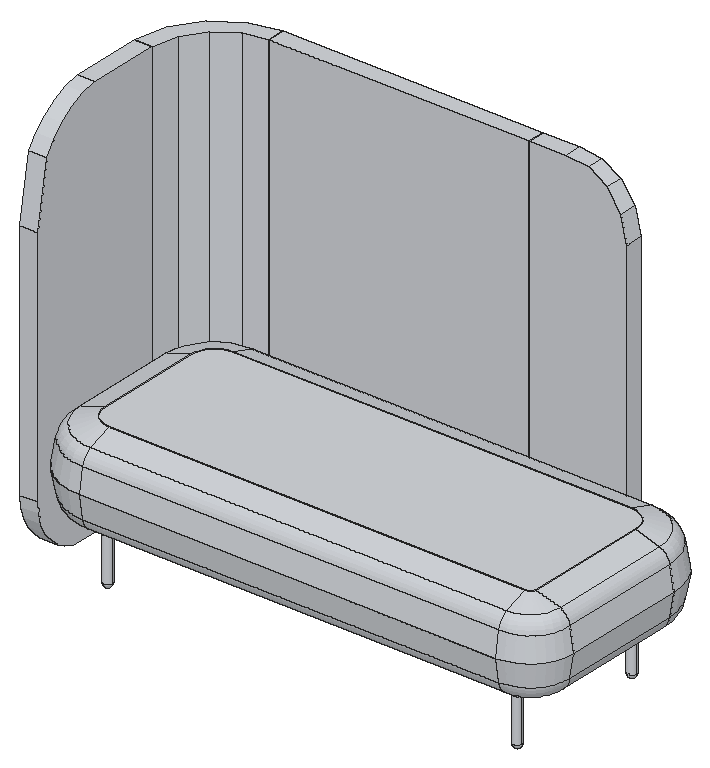
Revit family "Bernhardt-Design_Seating_ChapelleL_2-Seat_Left-Facing_Half-Wall", category Furniture, Revit 2013
Parameters (values of type "2 Seat Left Facing Half Wall")
  Model = "Chapelle"
  Mid Wall = 2' - 6"
  Length = 5' - 5 3/4"
  Description = "Seating"
  Width = 2' - 4 1/4"
  URL = "http://bernhardtdesign.com/"
  Product Page URL = "http://www.bernhardtdesign.com/products/chapelle/index.html"
  Product Name = "Chapelle"
  Product Documentation Link = "http://www.bernhardtdesign.com/pdf/pricelists/sofas/Chapelle_PL.pdf"
  Manufacturer = "Bernhardt "  # constant formula
  Level Certification = ""
  Height = 3' - 11 3/8"
  GreenGuard Certification = ""
  Bernhardt Wood = none
Reference planes (in)
  plane 1 "Center (Front/Back)": y = 0
  plane 2 "Bottom": z = 0
  plane 3 "Center (Left/Right)": x = 0
  plane 4: x = -24
  plane 5: x = 6
  plane 6 "Total Height": z = 47.375
  plane 7 "Seat Height": z = 16.87819
  plane 8 "Base": z = 0.76323
  plane 9: y = -1.50846
  plane 10: y = -18.00846
  plane 11 "seat front edge": y = -20.50934
Forms (in)
  Extrusion 1, solid
    sketch origin (0, 0, 0) x (1, 0, 0) y (0, 1, 0)
      loop
        line (-24, 8.08149) -> (-24, 6.08149) -> (6, 6.08149) -> (6, 8.08149) -> (-24, 8.08149)
    from 0.76323 to 47.375
  Extrusion 2, void
    sketch origin (0, 0, 0) x (0, 1, 0) y (0, 0, 1)
      loop
        line (-9.75846, 47.375) -> (-9.75846, 53.875) -> (-24.50846, 53.875) -> (-18.00846, 29.97832)
        arc (-18.00846, 29.97832) -> (-17.92454, 36.30552) -> (-16.7009, 42.51385) r 34.94218
        arc (-16.7009, 42.51385) -> (-13.79438, 45.75091) -> (-9.75846, 47.375) r 9.61187
      loop
        line (-18.00846, 7.50157) -> (-23.08796, -4.465) -> (-12.78184, 0.76323)
        arc (-12.78184, 0.76323) -> (-16.52625, 3.25506) -> (-18.00846, 7.50157) r 7.06609
    from -76.66408 to 0
  Extrusion 3, solid
    sketch origin (0, 0, 0) x (-1, 0, 0) y (0, -1, 0)
      loop
        line (24, -8.08149) -> (27.42352, -7.3538) -> (30.579, -5.30461) -> (32.62139, -2.15959) -> (33.40106, 1.50846) -> (31.35638, 1.50846) -> (30.74217, -1.38119) -> (29.13319, -3.8588) -> (26.64512, -5.47458) -> (24, -6.03681) -> (24, -8.08149)
    from 0.76323 to 47.375
  Extrusion 4, solid
    sketch origin (0, 0, 0) x (-1, 0, 0) y (0, -1, 0)
      loop
        line (33.40106, 1.50846) -> (33.40106, 18.00846) -> (31.40106, 18.00846) -> (31.40106, 1.50846) -> (33.40106, 1.50846)
    from 0.76323 to 47.375
  Extrusion 5, solid
    sketch origin (0, 0, 0) x (-1, 0, 0) y (0, 0, -1)
      loop
        line (-6, -47.375) -> (-6, -0.76323) -> (-10.25504, -0.76323) -> (-12.69558, -1.40923) -> (-15.18269, -3.08681) -> (-16.72047, -5.36666) -> (-17.29937, -8.09017) -> (-17.29937, -40.59017) -> (-16.62452, -43.51328) -> (-14.97515, -45.78344) -> (-12.87847, -47.14504) -> (-10.25, -47.375) -> (-6, -47.375)
    from -6.08149 to -8.08149
Cuts and joins
  Extrusion 2 cuts Extrusion 4
Lines and regions (in)
  symbolic lines
    curve 1: arc (-31.37261, -13.5836, 0) -> (-29.33538, -18.50191, 0) -> (-24.41707, -20.53914, 0) r 6.95554
    curve 2: arc (23.57259, -20.53914, 0) -> (27.18782, -19.04166, 0) -> (28.6853, -15.42642, 0) r 5.11272
    curve 3: arc (28.6853, -1.25348, 0) -> (26.62209, 3.72755, 0) -> (21.64105, 5.79077, 0) r 7.04425
    curve 4: line (17.29937, 6.08149, 0) -> (17.29937, 8.08149, 0)
    curve 5: line (17.29937, 8.08149, 0) -> (6, 8.08149, 0)
    curve 6: line (6, 6.08149, 0) -> (17.29937, 6.08149, 0)
    curve 7: line (6, 8.08149, 0) -> (-24, 8.08149, 0)
    curve 8: line (-23.78979, 6.08149, 0) -> (6, 6.08149, 0)
    curve 9: line (-24, 8.08149, 0) -> (-27.42352, 7.3538, 0)
    curve 10: line (-26.64512, 5.47458, 0) -> (-23.78979, 6.08149, 0)
    curve 11: line (-27.42352, 7.3538, 0) -> (-30.579, 5.30461, 0)
    curve 12: line (-29.13319, 3.8588, 0) -> (-26.64512, 5.47458, 0)
    curve 13: line (-30.579, 5.30461, 0) -> (-32.62139, 2.15959, 0)
    curve 14: line (-30.74217, 1.38119, 0) -> (-29.13319, 3.8588, 0)
    curve 15: line (-32.62139, 2.15959, 0) -> (-33.40106, -1.50846, 0)
    curve 16: line (-31.37261, -1.71867, 0) -> (-30.74217, 1.38119, 0)
    curve 17: line (-33.40106, -1.50846, 0) -> (-33.40106, -18.00846, 0)
    curve 18: line (-31.37261, -18.00846, 0) -> (-31.37261, -1.71867, 0)
    curve 19: line (-33.40106, -18.00846, 0) -> (-31.37261, -18.00846, 0)
    curve 20: line (-24.41707, -20.53914, 0) -> (23.57259, -20.53914, 0)
    curve 21: line (28.6853, -1.25348, 0) -> (28.6853, -15.42642, 0)
    curve 22: line (21.64105, 5.79077, 0) -> (-25.15756, 5.79077, 0)
Dimensions and locks (in)
  "Mid Wall": plane 4 to plane 5
  "Height": plane 6 "Total Height" to level
  locked: plane 3 "Center (Left/Right)" to nested 1 at 28.5968
  aligned and locked: plane 2 "Bottom" to level
  aligned and locked: Extrusion 1 sketch curve to plane 4
  aligned and locked: Extrusion 1 sketch curve to plane 5
  aligned and locked: Extrusion 1 to plane 8 "Base"
  aligned and locked: plane 6 "Total Height" to Extrusion 1
  aligned and locked: Extrusion 3 to Extrusion 4
Automatic sketch dimensions
  Extrusion 1 sketch curve to plane 1 "Center (Front/Back)" = 0' - 6.08149"
  Extrusion 1 sketch curve to Extrusion 1 sketch curve = 0' - 2"
  Extrusion 2 sketch curve to plane 10 = 0' - 0"  (x2)
  Extrusion 2 sketch curve to plane 8 "Base" = 0' - 0"
  Extrusion 2 sketch curve to plane 6 "Total Height" = 0' - 0"
  Extrusion 2 sketch curve to level = 0' - 4.465"
  Extrusion 2 sketch curve to plane 11 "seat front edge" = 0' - 2.57862"
  Extrusion 2 sketch curve to plane 11 "seat front edge" = 0' - 3.99912"
  Extrusion 2 sketch curve to plane 10 = 0' - 5.22662"
  plane 9 to Extrusion 2 sketch curve = 0' - 8 1/4"
  Extrusion 2 sketch curve to plane 10 = 0' - 1.30756"
  plane 8 "Base" to Extrusion 2 sketch curve = 0' - 6.8226"
  Extrusion 2 sketch curve to Extrusion 2 sketch curve = 0' - 7.06559"
  plane 9 to Extrusion 2 sketch curve = 0' - 6.77278"
  Extrusion 2 sketch curve to plane 1 "Center (Front/Back)" = 1' - 4.82908"
  plane 7 "Seat Height" to Extrusion 2 sketch curve = 1' - 1.10012"
  Extrusion 2 sketch curve to Extrusion 2 sketch curve = 0' - 6 1/2"
  Extrusion 2 sketch curve to Extrusion 2 sketch curve = 1' - 2.69456"
  Extrusion 3 sketch curve to plane 4 = 0' - 0"
  plane 9 to Extrusion 3 sketch curve = 0' - 0"
  plane 1 "Center (Front/Back)" to Extrusion 3 sketch curve = 0' - 1.38119"
  Extrusion 3 sketch curve to plane 4 = 0' - 2.64512"
  Extrusion 3 sketch curve to Extrusion 3 sketch curve = 0' - 0.7784"
  Extrusion 3 sketch curve to Extrusion 3 sketch curve = 0' - 2.48808"
  Extrusion 3 sketch curve to Extrusion 3 sketch curve = 0' - 1.44581"  (x2)
  Extrusion 3 sketch curve to Extrusion 3 sketch curve = 0' - 1.60898"
  Extrusion 3 sketch curve to Extrusion 3 sketch curve = 0' - 0.61421"
  plane 1 "Center (Front/Back)" to Extrusion 3 sketch curve = 0' - 2.15959"
  Extrusion 3 sketch curve to Extrusion 3 sketch curve = 0' - 1.87923"  (x2)
  Extrusion 3 sketch curve to Extrusion 3 sketch curve = 0' - 2.04468"  (x2)
  Extrusion 3 sketch curve to Extrusion 3 sketch curve = 0' - 2.47761"
  Extrusion 3 sketch curve to Extrusion 3 sketch curve = 0' - 1.61577"
  Extrusion 3 sketch curve to Extrusion 3 sketch curve = 0' - 0.56224"
  plane 10 to Extrusion 4 sketch curve = 0' - 0"
  plane 9 to Extrusion 4 sketch curve = 0' - 0"
  Extrusion 4 sketch curve to plane 4 = 0' - 7.40106"
  Extrusion 4 sketch curve to Extrusion 4 sketch curve = 0' - 2"
  Extrusion 5 sketch curve to plane 8 "Base" = 0' - 0"
  Extrusion 5 sketch curve to plane 6 "Total Height" = 0' - 0"
  Extrusion 5 sketch curve to plane 5 = 0' - 0"
  Extrusion 5 sketch curve to plane 8 "Base" = 0' - 0.646"
  Extrusion 5 sketch curve to plane 5 = 0' - 4 1/4"
  Extrusion 5 sketch curve to plane 5 = 0' - 4.25504"
  Extrusion 5 sketch curve to Extrusion 5 sketch curve = 0' - 2.44054"
  plane 6 "Total Height" to Extrusion 5 sketch curve = 0' - 0.22996"
  Extrusion 5 sketch curve to Extrusion 5 sketch curve = 0' - 2.62847"
  plane 6 "Total Height" to Extrusion 5 sketch curve = 0' - 1.59156"
  Extrusion 5 sketch curve to Extrusion 5 sketch curve = 0' - 2.09668"
  Extrusion 5 sketch curve to plane 8 "Base" = 0' - 2.32358"
  Extrusion 5 sketch curve to Extrusion 5 sketch curve = 0' - 2.48711"
  plane 6 "Total Height" to Extrusion 5 sketch curve = 0' - 3.86172"
  Extrusion 5 sketch curve to Extrusion 5 sketch curve = 0' - 1.64937"
  Extrusion 5 sketch curve to plane 8 "Base" = 0' - 4.60343"
  Extrusion 5 sketch curve to Extrusion 5 sketch curve = 0' - 1.53778"
  Extrusion 5 sketch curve to Extrusion 5 sketch curve = 0' - 0.67485"
  Extrusion 5 sketch curve to Extrusion 5 sketch curve = 0' - 2.72351"
  Extrusion 5 sketch curve to Extrusion 5 sketch curve = 0' - 2.92311"
  plane 10 to curve 17 = 0' - 0"
  plane 9 to curve 17 = 0' - 0"
  curve 7 to plane 4 = 0' - 0"
  curve 5 to plane 5 = 0' - 0"
  curve 6 to plane 5 = 0' - 0"
  curve 20 to plane 11 "seat front edge" = 0' - 0.0298"
  plane 4 to curve 20 = 0' - 0.41707"
  plane 4 to curve 12 = 0' - 2.64512"
  curve 11 to curve 10 = 0' - 0.7784"
  curve 14 to curve 10 = 0' - 2.48808"
  curve 11 to curve 12 = 0' - 1.44581"
  curve 16 to plane 1 "Center (Front/Back)" = 0' - 1.38119"
  curve 16 to curve 12 = 0' - 1.60898"
  plane 4 to curve 19 = 0' - 7.37261"
  curve 15 to plane 1 "Center (Front/Back)" = 0' - 2.15959"
  curve 15 to curve 14 = 0' - 1.87923"
  curve 15 to curve 16 = 0' - 2.02845"
  curve 10 to plane 4 = 0' - 0.21021"
  curve 5 to curve 5 = 0' - 11.29937"
  plane 5 to curve 20 = 1' - 5.57259"
  curve 21 to plane 10 = 0' - 2 149/256"
  plane 4 to curve 22 = 0' - 1.15756"
  curve 3 to plane 9 = 0' - 0.25497"
  plane 9 to curve 18 = 0' - 0.21021"
  curve 14 to curve 12 = 0' - 2.47761"
  curve 12 to curve 11 = 0' - 1.44581"
  curve 12 to curve 12 = 0' - 1.61577"
  curve 3 to curve 4 = 0' - 0.29073"
  curve 10 to curve 11 = 0' - 1.87923"
  curve 6 to curve 7 = 0' - 2"
Nested families (in)
  nested 1: "Bernhardt-Design_Seating_ChapelleL_2-Seat_Bench" at (-1.81127, 10.96527, 0), type "2 seater bench"
Definition of nested family "Bernhardt-Design_Seating_ChapelleL_2-Seat_Bench"
  Parameters (values of type "2 seater bench")
    Width = 2' - 2 1/2"
    Model = "Chapelle 2 Seat Bench"
    Manufacturer = "Bernhardt"
    Length = 5' - 0"
    Height = 1' - 6"
    Description = "Seating"
    Bernhardt Fabrics = Fabric-Bernhardt-White
  Reference planes (in)
    plane 1: z = 0
    plane 2: z = 47.125
    plane 3: y = -5.21875
    plane 4: x = 30.40807
    plane 5 "mid seat": z = 11.85004
    plane 6 "op seat": z = 16.98912
    plane 7: x = -23.22633
    plane 8: x = 24.04248
    plane 9: x = 0.40807
    plane 10 "front edge of bench": y = -31.62178
    plane 11 "Bench center": y = -18.53536
    plane 12 "le plane": y = -26.79581
    plane 13: x = -29.59193
  Forms (in)
    Revolve 1, solid
      sketch origin (0, -26.79581, 0) x (0, 0, -1) y (1, 0, 0)
        loop
          line (-6.88986, -23.22633) -> (0, -23.22633)
          arc (0, -23.22633) -> (-0.20612, -22.84815) -> (-0.60963, -22.69754) r 0.6158
          line (-0.60963, -22.69754) -> (-5.60963, -22.69754)
          arc (-5.60963, -22.69754) -> (-6.34307, -22.4291) -> (-6.71097, -21.74015) r 1.0948
          line (-6.71097, -21.74015) -> (-6.83424, -21.74015) -> (-6.88986, -21.94772) -> (-6.88986, -23.22633)
        axis (-6.88986, -23.22633) -> (0, -23.22633)
      angle from 0 to 360
    Revolve 2, solid
      sketch origin (0, -10.2749, 0) x (0, 0, -1) y (-1, 0, 0)
        loop
          line (-6.88986, 23.22633) -> (-6.88986, 21.94772) -> (-6.83424, 21.74015) -> (-6.71097, 21.74015)
          arc (-6.71097, 21.74015) -> (-6.34307, 22.4291) -> (-5.60963, 22.69754) r 1.0948
          line (-5.60963, 22.69754) -> (-0.60963, 22.69754)
          arc (-0.60963, 22.69754) -> (-0.20612, 22.84815) -> (0, 23.22633) r 0.6158
          line (0, 23.22633) -> (-6.88986, 23.22633)
        axis (-6.88986, 23.22633) -> (0, 23.22633)
      angle from 0 to 360
    Revolve 3, solid
      sketch origin (-3.18385, -26.79581, 0) x (0, 0, -1) y (-1, 0, 0)
        loop
          line (-6.88986, -27.22633) -> (0, -27.22633)
          arc (0, -27.22633) -> (-0.20612, -26.84815) -> (-0.60963, -26.69754) r 0.6158
          line (-0.60963, -26.69754) -> (-5.60963, -26.69754)
          arc (-5.60963, -26.69754) -> (-6.34307, -26.4291) -> (-6.71097, -25.74015) r 1.0948
          line (-6.71097, -25.74015) -> (-6.83424, -25.74015) -> (-6.88986, -25.94772) -> (-6.88986, -27.22633)
        axis (-6.88986, -27.22633) -> (0, -27.22633)
      angle from 0 to 360
    Revolve 4, solid
      sketch origin (-3.18385, -10.2749, 0) x (0, 0, -1) y (-1, 0, 0)
        loop
          line (-6.88986, -27.22633) -> (0, -27.22633)
          arc (0, -27.22633) -> (-0.20612, -26.84815) -> (-0.60963, -26.69754) r 0.6158
          line (-0.60963, -26.69754) -> (-5.60963, -26.69754)
          arc (-5.60963, -26.69754) -> (-6.34307, -26.4291) -> (-6.71097, -25.74015) r 1.0948
          line (-6.71097, -25.74015) -> (-6.83424, -25.74015) -> (-6.88986, -25.94772) -> (-6.88986, -27.22633)
        axis (-6.88986, -27.22633) -> (0, -27.22633)
      angle from 0 to 360
    Sweep 5, solid
      path origin (0, 0, 6.71097) x (0, 1, 0) y (-1, 0, 0)
        loop
          arc (-5.21875, 22.59193) -> (-7.269, 27.54167) -> (-12.21875, 29.59193) r 7
          line (-12.21875, 29.59193) -> (-24.62178, 29.59193)
          arc (-24.62178, 29.59193) -> (-29.57153, 27.54167) -> (-31.62178, 22.59193) r 7
          line (-31.62178, 22.59193) -> (-31.62178, -25.40807)
          arc (-31.62178, -25.40807) -> (-30.15732, -28.94361) -> (-26.62178, -30.40807) r 5
          line (-26.62178, -30.40807) -> (-12.21875, -30.40807)
          arc (-12.21875, -30.40807) -> (-7.269, -28.35782) -> (-5.21875, -23.40807) r 7
          line (-5.21875, -23.40807) -> (-5.21875, 22.59193)
      profile origin (0.40807, -5.21875, 6.71097) x (0, 1, 0) y (0, 0, 1)
        loop
          line (0, 5.13907) -> (-4.32844, 5.13907) -> (-4.32844, 0) -> (-1.55892, 0.88647)
          arc (-1.55892, 0.88647) -> (-0.84704, 1.53879) -> (-0.47753, 2.43085) r 2.23055
          line (-0.47753, 2.43085) -> (0, 5.13907)
    Sweep 6, solid
      path origin (0, 0, 16.98912) x (-1, 0, 0) y (0, -1, 0)
        loop
          arc (22.59193, 5.21875) -> (27.54167, 7.269) -> (29.59193, 12.21875) r 7
          line (29.59193, 12.21875) -> (29.59193, 24.62178)
          arc (29.59193, 24.62178) -> (27.54167, 29.57153) -> (22.59193, 31.62178) r 7
          line (22.59193, 31.62178) -> (-25.40807, 31.62178)
          arc (-25.40807, 31.62178) -> (-28.94361, 30.15732) -> (-30.40807, 26.62178) r 5
          line (-30.40807, 26.62178) -> (-30.40807, 12.21875)
          arc (-30.40807, 12.21875) -> (-28.35782, 7.269) -> (-23.40807, 5.21875) r 7
          line (-23.40807, 5.21875) -> (22.59193, 5.21875)
      profile origin (0.40807, -5.21875, 16.98912) x (0, 1, 0) y (0, 0, 1)
        loop
          line (0, -5.13907) -> (-0.47753, -2.43085)
          arc (-0.47753, -2.43085) -> (-0.84704, -1.53879) -> (-1.55892, -0.88647) r 2.23055
          line (-1.55892, -0.88647) -> (-4.32844, 0) -> (-4.32844, -5.13907) -> (0, -5.13907)
    Extrusion 7, solid
      sketch origin (0, 0, 16.98912) x (-1, 0, 0) y (0, -1, 0)
        loop
          arc (22.59193, 9.54719) -> (24.481, 10.32967) -> (25.26348, 12.21875) r 2.67156
          line (25.26348, 12.21875) -> (25.26348, 24.62178)
          arc (25.26348, 24.62178) -> (24.481, 26.51086) -> (22.59193, 27.29334) r 2.67156
          line (22.59193, 27.29334) -> (-25.40807, 27.29334)
          arc (-25.40807, 27.29334) -> (-25.88294, 27.09664) -> (-26.07963, 26.62178) r 0.67156
          line (-26.07963, 26.62178) -> (-26.07963, 12.21875)
          arc (-26.07963, 12.21875) -> (-25.29715, 10.32967) -> (-23.40807, 9.54719) r 2.67156
          line (-23.40807, 9.54719) -> (22.59193, 9.54719)
      from 0 to -5.13907
  Lines and regions (in)
    symbolic lines
      curve 1: line (23.40807, -5.21875, 16.98912) -> (-22.59193, -5.21875, 16.98912)
      curve 2: arc (-22.59193, -5.21875, 16.98912) -> (-27.54167, -7.269, 16.98912) -> (-29.59193, -12.21875, 16.98912) r 7
      curve 3: line (-29.59193, -12.21875, 16.98912) -> (-29.59193, -24.62178, 16.98912)
      curve 4: arc (-29.59193, -24.62178, 16.98912) -> (-27.54167, -29.57153, 16.98912) -> (-22.59193, -31.62178, 16.98912) r 7
      curve 5: line (-22.59193, -31.62178, 16.98912) -> (25.40807, -31.62178, 16.98912)
      curve 6: arc (25.40807, -31.62178, 16.98912) -> (28.94361, -30.15732, 16.98912) -> (30.40807, -26.62178, 16.98912) r 5
      curve 7: line (30.40807, -26.62178, 16.98912) -> (30.40807, -12.21875, 16.98912)
      curve 8: arc (30.40807, -12.21875, 16.98912) -> (28.35782, -7.269, 16.98912) -> (23.40807, -5.21875, 16.98912) r 7
      curve 9: line (23.40807, -5.21875, 16.98912) -> (-22.59193, -5.21875, 16.98912)
  Dimensions and locks (in)
    locked: plane 2 to level at 47.125
    plane 7 to plane 8 = 3' - 11.2688"
    equal spacing: plane 7, plane 9, plane 8
    "Length": plane 13 to plane 4
    equal spacing: plane 13, plane 9, plane 4
    aligned and locked: level to plane 1
    aligned and locked: Revolve 1 sketch curve to plane 7
    aligned and locked: Revolve 1 sketch curve to Revolve 1 sketch curve
    aligned and locked: Revolve 2 sketch curve to Revolve 2 sketch curve
    aligned and locked: Revolve 3 sketch curve to Revolve 3 sketch curve
    aligned and locked: Revolve 4 sketch curve to Revolve 4 sketch curve
    aligned and locked: Extrusion 7 to plane 5 "mid seat"
    aligned and locked: plane 6 "op seat" to Extrusion 7
  Automatic sketch dimensions
    Revolve 1 sketch curve to level = 0' - 0"  (x2)
    plane 7 to Revolve 1 sketch curve = 0' - 0.52879"
    level to Revolve 1 sketch curve = 0' - 0.60963"
    Revolve 1 sketch curve to Revolve 1 sketch curve = 0' - 5"
    Revolve 1 sketch curve to Revolve 1 sketch curve = 0' - 1.10134"
    plane 7 to Revolve 1 sketch curve = 0' - 1.48617"
    Revolve 1 sketch curve to Revolve 1 sketch curve = 0' - 0.12327"
    Revolve 1 sketch curve to Revolve 1 sketch curve = 0' - 1.28023"
    Revolve 1 sketch curve to Revolve 1 sketch curve = 0' - 0"
    Revolve 1 sketch curve to Revolve 1 sketch curve = 0' - 0.01519"
    Revolve 1 sketch curve to Revolve 1 sketch curve = 0' - 0.20756"
    Revolve 2 sketch curve to plane 7 = 0' - 0"
    Revolve 2 sketch curve to level = 0' - 0"  (x2)
    plane 7 to Revolve 2 sketch curve = 0' - 1.48617"
    level to Revolve 2 sketch curve = 0' - 0.60963"
    plane 7 to Revolve 2 sketch curve = 0' - 0.52879"
    Revolve 2 sketch curve to Revolve 2 sketch curve = 0' - 5"
    Revolve 2 sketch curve to Revolve 2 sketch curve = 0' - 1.10134"
    Revolve 2 sketch curve to Revolve 2 sketch curve = 0' - 0.12327"
    Revolve 2 sketch curve to Revolve 2 sketch curve = 0' - 1.28023"
    Revolve 2 sketch curve to Revolve 2 sketch curve = 0' - 0"
    Revolve 2 sketch curve to Revolve 2 sketch curve = 0' - 1.08616"
    Revolve 2 sketch curve to Revolve 2 sketch curve = 0' - 0.20756"
    plane 8 to Revolve 3 sketch curve = 0' - 0"
    Revolve 3 sketch curve to level = 0' - 0"  (x2)
    Revolve 3 sketch curve to plane 8 = 0' - 0.52879"
    Revolve 3 sketch curve to level = 0' - 0.60963"
    Revolve 3 sketch curve to Revolve 3 sketch curve = 0' - 5"
    Revolve 3 sketch curve to Revolve 3 sketch curve = 0' - 1.10134"
    Revolve 3 sketch curve to plane 8 = 0' - 1.48617"
    Revolve 3 sketch curve to Revolve 3 sketch curve = 0' - 0.12327"
    Revolve 3 sketch curve to Revolve 3 sketch curve = 0' - 1.28023"
    Revolve 3 sketch curve to Revolve 3 sketch curve = 0' - 0"
    Revolve 3 sketch curve to Revolve 3 sketch curve = 0' - 0.01519"
    Revolve 3 sketch curve to Revolve 3 sketch curve = 0' - 0.20756"
    plane 8 to Revolve 4 sketch curve = 0' - 0"
    Revolve 4 sketch curve to level = 0' - 0"  (x2)
    plane 8 to Revolve 4 sketch curve = 0' - 0.52879"
    level to Revolve 4 sketch curve = 0' - 0.60963"
    Revolve 4 sketch curve to Revolve 4 sketch curve = 0' - 5"
    Revolve 4 sketch curve to Revolve 4 sketch curve = 0' - 1.10134"
    plane 8 to Revolve 4 sketch curve = 0' - 1.48617"
    Revolve 4 sketch curve to Revolve 4 sketch curve = 0' - 0.12327"
    Revolve 4 sketch curve to Revolve 4 sketch curve = 0' - 1.28023"
    Revolve 4 sketch curve to Revolve 4 sketch curve = 0' - 0"
    Revolve 4 sketch curve to Revolve 4 sketch curve = 0' - 1.08616"
    Revolve 4 sketch curve to Revolve 4 sketch curve = 0' - 0.20756"
    Sweep 5 sketch curve to plane 10 "front edge of bench" = 0' - 0"
    Sweep 5 sketch curve to plane 4 = 0' - 0"
    Sweep 5 sketch curve to plane 13 = 0' - 0"
    plane 3 to Sweep 5 sketch curve = 0' - 0"
    Sweep 5 sketch curve to plane 8 = 0' - 1.3656"
    Sweep 5 sketch curve to plane 12 "le plane" = 0' - 2.17403"
    plane 11 "Bench center" to Sweep 5 sketch curve = 0' - 6.31661"  (x2)
    Sweep 5 sketch curve to profile plane = 0' - 0"  (x2)
    profile plane to Sweep 5 sketch curve = 0' - 0.88647"
    profile plane to Sweep 5 sketch curve = 0' - 0.47753"
    profile plane to Sweep 5 sketch curve = 0' - 1.55892"
    Sweep 5 sketch curve to Sweep 5 sketch curve = 0' - 2 197/256"
    Sweep 5 sketch curve to Sweep 5 sketch curve = 0' - 2.19666"
    Sweep 5 sketch curve to Sweep 5 sketch curve = 0' - 1.54438"
    Sweep 5 sketch curve to Sweep 5 sketch curve = 0' - 2.70822"
    Sweep 6 sketch curve to plane 4 = 0' - 0"
    Sweep 6 sketch curve to plane 10 "front edge of bench" = 0' - 0"
    plane 3 to Sweep 6 sketch curve = 0' - 0"
    Sweep 6 sketch curve to plane 13 = 0' - 0"
    plane 11 "Bench center" to Sweep 6 sketch curve = 0' - 6.31661"
    Sweep 6 sketch curve to plane 8 = 0' - 1.3656"
    plane 7 to Sweep 6 sketch curve = 0' - 0.6344"  (x2)
    Sweep 6 sketch curve to profile plane = 0' - 0"  (x2)
    Sweep 6 sketch curve to profile plane = 0' - 5.13907"
    profile plane to Sweep 6 sketch curve = 0' - 0.47753"
    profile plane to Sweep 6 sketch curve = 0' - 1.55892"
    Sweep 6 sketch curve to Sweep 6 sketch curve = 0' - 2 197/256"
    Sweep 6 sketch curve to Sweep 6 sketch curve = 0' - 1.11527"
    Sweep 6 sketch curve to profile plane = 0' - 2.43085"
    Sweep 6 sketch curve to profile plane = 0' - 0.88647"
    plane 7 to Extrusion 7 sketch curve = 0' - 0.6344"  (x2)
    plane 3 to Extrusion 7 sketch curve = 0' - 4.32844"
    plane 8 to Extrusion 7 sketch curve = 0' - 0.6344"
    Extrusion 7 sketch curve to plane 7 = 0' - 2.03716"
    Extrusion 7 sketch curve to plane 12 "le plane" = 0' - 2.17403"
    Extrusion 7 sketch curve to plane 8 = 0' - 1.3656"
    Extrusion 7 sketch curve to plane 12 "le plane" = 0' - 0.17403"
    plane 3 to curve 1 = 0' - 0"
    plane 7 to curve 1 = 0' - 0.6344"
    curve 2 to plane 13 = 0' - 0"
    plane 8 to curve 1 = 0' - 0.6344"
    curve 3 to plane 12 "le plane" = 0' - 2.17403"
    curve 4 to plane 10 "front edge of bench" = 0' - 0"
    curve 5 to plane 8 = 0' - 1.3656"
    curve 6 to plane 4 = 0' - 0"
